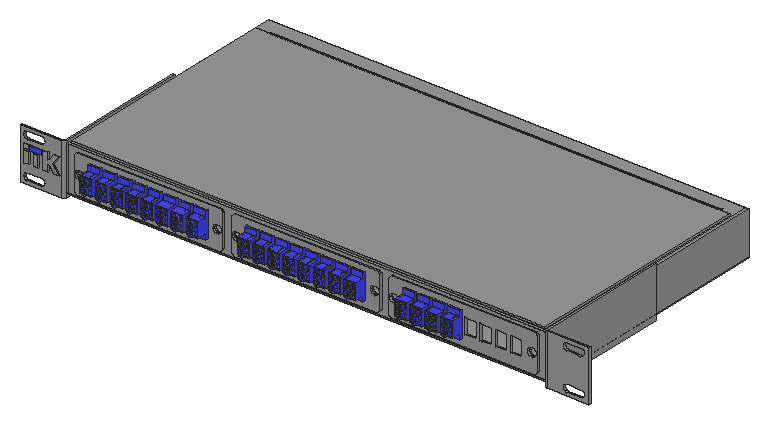
Revit family "ITK_Кросс оптический_Стоечный_1U_IP22", category Обобщенные модели, Revit 2019
Family settings
  Может служить основой для арматурных стержней = Нет
  Размер круглого соединителя = Использовать диаметр
  Тип детали = Нормальный
  На основе рабочей плоскости = Нет
  Всегда вертикально = Да
  При загрузке вырезать с полостями = Нет
  Общий = Нет
  Точка расчета площади = Нет
Parameters (values of type "FOBX24-1U-20LCUD03")
  Степень защиты = "IP22"  # constant formula
  Панель-заглушка первая = no
  Панель-заглушка вторая = no
  Панель для адаптеров третья = yes
  Панель для адаптеров вторая = yes
  Материал адаптера = Пластик бежевый
  Изготовитель = "ITK"  # constant formula
  Дата изменения = ""
  Тип монтажа = "19-дюймовое крепление"
  URL = "https://www.iek.ru/"
  KSI_CPr_Строительные изделия = "26.30.40.61.1.04.09-1081 26.30.40.61.1.04.09-1082 26.30.40.61.1.04.09-1083"
  KSI_CMa_Строительные материалы = "10.03.02.06"  # constant formula
  IEK_Цена за единицу = 16660.79
  IEK_Поиск в таблице имен = ""
  IEK_Описание = "Высокое качество материалов. Увеличенный срок эксплуатации. Надежная защита волокон от внешних механических воздействий и попадания внутрь посторонних предметов. Соответствие международным стандартам и ГОСТ Р. Удобство монтажа и эксплуатации."
  IEK_URL = "https://www.itk-group.ru/produktsiya/catalog/oborudovanie_telekommunikatsionnoe/komponenty_sks_opticheskie/komponenty_sks_opticheskie/opticheskie_krossy_19_ukomplektovannye/itk_1u_opticheskiy_raspredelitelnyy_kross_ukomplektovannyy_lc_duplex_20sht_om3"
  ADSK_Примечание = ""
  ADSK_Позиция [instance] = ""
  ADSK_Наименование = "ITK 1U Оптический распределительный кросс укомплектованный: LC (duplex) 20шт;  (OM3)"
  ADSK_Материал обозначение = ""
  ADSK_Материал наименование = "Cталь"  # constant formula
  ADSK_Масса = 2.7  # constant formula
  ADSK_Марка = ""
  ADSK_Код изделия = "FOBX24-1U-20LCUD03"
  ADSK_Завод-изготовитель = "IEK"  # constant formula
  ADSK_Единица измерения = "шт"  # constant formula
  ADSK_Группирование = "I. ЩИТЫ И ПУЛЬТЫ"  # constant formula
  ADSK_Версия семейства = "1.0"  # constant formula
  ADSK_Версия Revit = "2019"  # constant formula
  ADSK_URL страницы изделия = "https://www.itk-group.ru/produktsiya/catalog/oborudovanie_telekommunikatsionnoe/komponenty_sks_opticheskie/komponenty_sks_opticheskie/opticheskie_krossy_19_ukomplektovannye/"
  8 адаптеров = yes
  6 адаптеров = yes
  24 адаптера = no
  20 адаптеров = yes
  16 адаптеров = yes
  12 адаптеров = yes
Reference planes
  plane 1 "По центру (Вперед/Назад)": y = 0
  plane 2: z = 0
  plane 3 "По центру (Влево/Вправо)": x = 0
Forms (mm)
  Extrusion 1, solid, material "Окраска - RAL 7035", detail levels fine
    sketch origin (0, 0, 0) x (1, 0, 0) y (0, 1, 0)
      loop
        line (-205, 1.5) -> (-240, 1.5) -> (-240, 0) -> (-205, 0)
        arc (-205, 0) -> (-203.232, 0.732) -> (-202.5, 2.5) r 2.5
        line (-202.5, 2.5) -> (-202.5, 116) -> (-204, 116) -> (-204, 2.5)
        arc (-204, 2.5) -> (-204.293, 1.793) -> (-205, 1.5) r 1
      loop
        line (204, 2.5) -> (204, 116) -> (202.5, 116) -> (202.5, 2.5)
        arc (202.5, 2.5) -> (203.232, 0.732) -> (205, 0) r 2.5
        line (205, 0) -> (240, 0) -> (240, 1.5) -> (205, 1.5)
        arc (205, 1.5) -> (204.293, 1.793) -> (204, 2.5) r 1
    from 0 to 43
  Extrusion 2, void
    sketch origin (0, 0, 0) x (1, 0, 0) y (0, 0, 1)
      loop
        arc (-233.5, 40.5) -> (-235.798, 39.548) -> (-236.75, 37.25) r 3.25
        arc (-236.75, 37.25) -> (-235.798, 34.952) -> (-233.5, 34) r 3.25
        line (-233.5, 34) -> (-222, 34)
        arc (-222, 34) -> (-218.75, 37.25) -> (-222, 40.5) r 3.25
        line (-222, 40.5) -> (-233.5, 40.5)
      loop
        arc (-233.5, 9) -> (-235.798, 8.048) -> (-236.75, 5.75) r 3.25
        arc (-236.75, 5.75) -> (-235.798, 3.452) -> (-233.5, 2.5) r 3.25
        line (-233.5, 2.5) -> (-222, 2.5)
        arc (-222, 2.5) -> (-218.75, 5.75) -> (-222, 9) r 3.25
        line (-222, 9) -> (-233.5, 9)
      loop
        arc (222, 40.5) -> (218.75, 37.25) -> (222, 34) r 3.25
        line (222, 34) -> (233.5, 34)
        arc (233.5, 34) -> (235.798, 34.952) -> (236.75, 37.25) r 3.25
        arc (236.75, 37.25) -> (235.798, 39.548) -> (233.5, 40.5) r 3.25
        line (233.5, 40.5) -> (222, 40.5)
      loop
        arc (222, 9) -> (218.75, 5.75) -> (222, 2.5) r 3.25
        line (222, 2.5) -> (233.5, 2.5)
        arc (233.5, 2.5) -> (235.798, 3.452) -> (236.75, 5.75) r 3.25
        arc (236.75, 5.75) -> (235.798, 8.048) -> (233.5, 9) r 3.25
        line (233.5, 9) -> (222, 9)
    from 0 to -3
  Extrusion 3, solid, material "Окраска - RAL 7035", detail levels fine
    sketch origin (0, 0, 0) x (1, 0, 0) y (0, 0, 1)
      loop
        line (202.5, 40) -> (-202.5, 40) -> (-202.5, 3) -> (202.5, 3) -> (202.5, 40)
    from -3 to -215
  Blend 4, solid, material "Окраска - RAL 7035", detail levels fine
    base sketch origin (0, 0, 0) x (1, 0, 0) y (0, 1, 0)
      loop
        line (-202.5, 215) -> (-202.5, 3) -> (202.5, 3) -> (202.5, 215) -> (-202.5, 215)
    top sketch origin (0, 0, 0) x (1, 0, 0) y (0, 1, 0)
      loop
        line (201.5, 214) -> (-201.5, 214) -> (-201.5, 4) -> (201.5, 4) -> (201.5, 214)
    from 40 to 41.5
  Blend 5, solid, material "Окраска - RAL 7035", detail levels fine
    base sketch origin (0, 0, -80) x (1, 0, 0) y (0, 1, 0)
      loop
        line (-202.5, 215) -> (-202.5, 3) -> (202.5, 3) -> (202.5, 215) -> (-202.5, 215)
    top sketch origin (0, 0, -80) x (1, 0, 0) y (0, 1, 0)
      loop
        line (201.5, 214) -> (-201.5, 214) -> (-201.5, 4) -> (201.5, 4) -> (201.5, 214)
    from 83 to 81.5
  Extrusion 6, void
    sketch origin (0, 0, 0) x (1, 0, 0) y (0, 1, 0)
      loop
        line (201.5, 214) -> (-201.5, 214) -> (-201.5, 4) -> (201.5, 4) -> (201.5, 214)
    from 3 to 40
  Extrusion 7, void
    sketch origin (0, 0, 0) x (1, 0, 0) y (0, 0, 1)
      loop
        line (-184.8, 7.85) -> (-80.6, 7.85) -> (-80.6, 35.15) -> (-184.8, 35.15) -> (-184.8, 7.85)
      loop
        line (-52.1, 35.15) -> (-52.1, 7.85) -> (52.1, 7.85) -> (52.1, 35.15) -> (-52.1, 35.15)
      loop
        line (80.6, 35.15) -> (80.6, 7.85) -> (184.8, 7.85) -> (184.8, 35.15) -> (80.6, 35.15)
      loop
        circle (-190.937, 21.497) r 3.921
      loop
        circle (-74.23, 21.497) r 3.921
      loop
        circle (-58.134, 21.497) r 3.921
      loop
        circle (58.47, 21.497) r 3.921
      loop
        circle (74.566, 21.497) r 3.921
      loop
        circle (191.17, 21.497) r 3.921
    from 0 to -10
  Extrusion 8, void
    sketch origin (0, 0, 0) x (1, 0, 0) y (0, 0, 1)
      loop
        line (110.6, 32) -> (100.1, 32)
        arc (100.1, 32) -> (98.686, 31.414) -> (98.1, 30) r 2
        arc (98.1, 30) -> (98.686, 28.586) -> (100.1, 28) r 2
        line (100.1, 28) -> (110.6, 28)
        arc (110.6, 28) -> (112.6, 30) -> (110.6, 32) r 2
      loop
        line (75.1, 32) -> (64.6, 32)
        arc (64.6, 32) -> (63.186, 31.414) -> (62.6, 30) r 2
        arc (62.6, 30) -> (63.186, 28.586) -> (64.6, 28) r 2
        line (64.6, 28) -> (75.1, 28)
        arc (75.1, 28) -> (77.1, 30) -> (75.1, 32) r 2
      loop
        line (110.6, 15) -> (100.1, 15)
        arc (100.1, 15) -> (98.686, 14.414) -> (98.1, 13) r 2
        arc (98.1, 13) -> (98.686, 11.586) -> (100.1, 11) r 2
        line (100.1, 11) -> (110.6, 11)
        arc (110.6, 11) -> (112.6, 13) -> (110.6, 15) r 2
      loop
        line (75.1, 15) -> (64.6, 15)
        arc (64.6, 15) -> (63.186, 14.414) -> (62.6, 13) r 2
        arc (62.6, 13) -> (63.186, 11.586) -> (64.6, 11) r 2
        line (64.6, 11) -> (75.1, 11)
        arc (75.1, 11) -> (77.1, 13) -> (75.1, 15) r 2
      loop
        line (52.1, 7.85) -> (52.1, 35.15) -> (-52.1, 35.15) -> (-52.1, 7.85) -> (52.1, 7.85)
      loop
        line (-64.6, 32) -> (-75.1, 32)
        arc (-75.1, 32) -> (-76.514, 31.414) -> (-77.1, 30) r 2
        arc (-77.1, 30) -> (-76.514, 28.586) -> (-75.1, 28) r 2
        line (-75.1, 28) -> (-64.6, 28)
        arc (-64.6, 28) -> (-62.6, 30) -> (-64.6, 32) r 2
      loop
        line (-100.1, 32) -> (-110.6, 32)
        arc (-110.6, 32) -> (-112.014, 31.414) -> (-112.6, 30) r 2
        arc (-112.6, 30) -> (-112.014, 28.586) -> (-110.6, 28) r 2
        line (-110.6, 28) -> (-100.1, 28)
        arc (-100.1, 28) -> (-98.1, 30) -> (-100.1, 32) r 2
      loop
        line (-100.1, 15) -> (-110.6, 15)
        arc (-110.6, 15) -> (-112.014, 14.414) -> (-112.6, 13) r 2
        arc (-112.6, 13) -> (-112.014, 11.586) -> (-110.6, 11) r 2
        line (-110.6, 11) -> (-100.1, 11)
        arc (-100.1, 11) -> (-98.1, 13) -> (-100.1, 15) r 2
      loop
        line (-64.6, 15) -> (-75.1, 15)
        arc (-75.1, 15) -> (-76.514, 14.414) -> (-77.1, 13) r 2
        arc (-77.1, 13) -> (-76.514, 11.586) -> (-75.1, 11) r 2
        line (-75.1, 11) -> (-64.6, 11)
        arc (-64.6, 11) -> (-62.6, 13) -> (-64.6, 15) r 2
      loop
        circle (152.763, 28.937) r 1.987
      loop
        circle (152.763, 13.937) r 1.987
      loop
        circle (182.995, 13.943) r 1.269
      loop
        circle (-152.763, 28.937) r 1.987
      loop
        circle (-152.763, 13.937) r 1.987
      loop
        circle (-182.995, 13.943) r 1.269
    from -215 to -214
  Extrusion 9, solid, material "Окраска - RAL 7035", detail levels fine
    sketch origin (0, 0, 0) x (1, 0, 0) y (0, 1, 0)
      loop
        line (-200, 198.542) -> (-200, 3.85) -> (200, 3.85) -> (200, 198.542) -> (-200, 198.542)
    from 41.5 to 43
  Extrusion 10, solid, material "Окраска - RAL 7035", detail levels fine
    sketch origin (0, 0, 0) x (0, 1, 0) y (0, 0, 1)
      loop
        line (198.542, 41.5) -> (204.737, 38.845)
        arc (204.737, 38.845) -> (205.56, 38.587) -> (206.418, 38.5) r 4.266
        line (206.418, 38.5) -> (213.85, 38.5) -> (213.85, 40) -> (206.457, 40)
        arc (206.457, 40) -> (205.862, 40.06) -> (205.292, 40.239) r 2.958
        line (205.292, 40.239) -> (199.51, 42.717) -> (198.542, 43) -> (198.542, 41.5)
    from -190 to 190
  Extrusion 11, solid, material "Окраска - RAL 7035", detail levels fine
    sketch origin (0, 0, 0) x (1, 0, 0) y (0, 1, 0)
      loop
        circle (-40.032, 134.023) r 2.037
      loop
        circle (40.032, 134.023) r 2.037
    from 3 to 40
  Extrusion 12, solid, detail levels coarse+medium
    sketch origin (0, 0, 0) x (1, 0, 0) y (0, 1, 0)
      loop
        line (-202.5, 215) -> (-202.5, 0) -> (202.467, 0) -> (202.467, 215) -> (-202.5, 215)
    from 0 to 43
  Extrusion 13, solid, material "Окраска - RAL 7035", visible <- "Панель-заглушка первая", detail levels fine
    sketch origin (-428.196, 0, 5.548) x (1, 0, 0) y (0, 0, 1)
      loop
        line (488.696, 32) -> (367.696, 32) -> (365.696, 30) -> (365.696, 2) -> (367.696, 0) -> (488.696, 0) -> (490.696, 2) -> (490.696, 30) -> (488.696, 32)
      loop
        circle (369.946, 16) r 3.75
      loop
        circle (486.446, 16) r 3.75
    from -3 to -1.5
  Extrusion 14, solid, material "Окраска - RAL 7035", visible <- "Панель-заглушка вторая", detail levels fine
    sketch origin (-295.496, 0, 5.548) x (1, 0, 0) y (0, 0, 1)
      loop
        line (488.696, 32) -> (367.696, 32) -> (365.696, 30) -> (365.696, 2) -> (367.696, 0) -> (488.696, 0) -> (490.696, 2) -> (490.696, 30) -> (488.696, 32)
      loop
        circle (369.946, 16) r 3.75
      loop
        circle (486.446, 16) r 3.75
    from -3 to -1.5
  Extrusion 15, solid, material "Окраска - RAL 7035", detail levels fine
    sketch origin (-511.941, 0, -22.681) x (1, 0, 0) y (0, 0, 1)
      loop
        line (439.588, 60.004) -> (318.588, 60.004) -> (316.588, 58.004) -> (316.588, 30.004) -> (318.588, 28.004) -> (439.588, 28.004) -> (441.588, 30.004) -> (441.588, 58.004) -> (439.588, 60.004)
      loop
        circle (320.838, 44.004) r 3.75
      loop
        circle (437.338, 44.004) r 3.75
      loop
        line (329.388, 50.504) -> (329.388, 37.504) -> (339.188, 37.504) -> (339.188, 50.504) -> (329.388, 50.504)
      loop
        line (342.188, 50.504) -> (342.188, 37.504) -> (351.988, 37.504) -> (351.988, 50.504) -> (342.188, 50.504)
      loop
        line (354.988, 50.504) -> (354.988, 37.504) -> (364.788, 37.504) -> (364.788, 50.504) -> (354.988, 50.504)
      loop
        line (367.788, 50.504) -> (367.788, 37.504) -> (377.588, 37.504) -> (377.588, 50.504) -> (367.788, 50.504)
      loop
        line (380.588, 50.504) -> (380.588, 37.504) -> (390.388, 37.504) -> (390.388, 50.504) -> (380.588, 50.504)
      loop
        line (393.388, 50.504) -> (393.388, 37.504) -> (403.188, 37.504) -> (403.188, 50.504) -> (393.388, 50.504)
      loop
        line (406.188, 50.504) -> (406.188, 37.504) -> (415.988, 37.504) -> (415.988, 50.504) -> (406.188, 50.504)
      loop
        line (428.788, 50.504) -> (418.988, 50.504) -> (418.988, 37.504) -> (428.788, 37.504) -> (428.788, 50.504)
    from -3 to -1.5
  Extrusion 16, solid, material "Окраска - RAL 7035", visible <- "Панель для адаптеров вторая", detail levels fine
    sketch origin (-379.088, 0, -22.457) x (1, 0, 0) y (0, 0, 1)
      loop
        line (439.588, 60.004) -> (318.588, 60.004) -> (316.588, 58.004) -> (316.588, 30.004) -> (318.588, 28.004) -> (439.588, 28.004) -> (441.588, 30.004) -> (441.588, 58.004) -> (439.588, 60.004)
      loop
        circle (320.838, 44.004) r 3.75
      loop
        circle (437.338, 44.004) r 3.75
      loop
        line (329.388, 50.504) -> (329.388, 37.504) -> (339.188, 37.504) -> (339.188, 50.504) -> (329.388, 50.504)
      loop
        line (342.188, 50.504) -> (342.188, 37.504) -> (351.988, 37.504) -> (351.988, 50.504) -> (342.188, 50.504)
      loop
        line (354.988, 50.504) -> (354.988, 37.504) -> (364.788, 37.504) -> (364.788, 50.504) -> (354.988, 50.504)
      loop
        line (367.788, 50.504) -> (367.788, 37.504) -> (377.588, 37.504) -> (377.588, 50.504) -> (367.788, 50.504)
      loop
        line (380.588, 50.504) -> (380.588, 37.504) -> (390.388, 37.504) -> (390.388, 50.504) -> (380.588, 50.504)
      loop
        line (393.388, 50.504) -> (393.388, 37.504) -> (403.188, 37.504) -> (403.188, 50.504) -> (393.388, 50.504)
      loop
        line (406.188, 50.504) -> (406.188, 37.504) -> (415.988, 37.504) -> (415.988, 50.504) -> (406.188, 50.504)
      loop
        line (428.788, 50.504) -> (418.988, 50.504) -> (418.988, 37.504) -> (428.788, 37.504) -> (428.788, 50.504)
    from -3 to -1.5
  Extrusion 17, solid, material "Окраска - RAL 7035", visible <- "Панель для адаптеров третья", detail levels fine
    sketch origin (-246.388, 0, -22.457) x (1, 0, 0) y (0, 0, 1)
      loop
        line (439.588, 60.004) -> (318.588, 60.004) -> (316.588, 58.004) -> (316.588, 30.004) -> (318.588, 28.004) -> (439.588, 28.004) -> (441.588, 30.004) -> (441.588, 58.004) -> (439.588, 60.004)
      loop
        circle (320.838, 44.004) r 3.75
      loop
        circle (437.338, 44.004) r 3.75
      loop
        line (329.388, 50.504) -> (329.388, 37.504) -> (339.188, 37.504) -> (339.188, 50.504) -> (329.388, 50.504)
      loop
        line (342.188, 50.504) -> (342.188, 37.504) -> (351.988, 37.504) -> (351.988, 50.504) -> (342.188, 50.504)
      loop
        line (354.988, 50.504) -> (354.988, 37.504) -> (364.788, 37.504) -> (364.788, 50.504) -> (354.988, 50.504)
      loop
        line (367.788, 50.504) -> (367.788, 37.504) -> (377.588, 37.504) -> (377.588, 50.504) -> (367.788, 50.504)
      loop
        line (380.588, 50.504) -> (380.588, 37.504) -> (390.388, 37.504) -> (390.388, 50.504) -> (380.588, 50.504)
      loop
        line (393.388, 50.504) -> (393.388, 37.504) -> (403.188, 37.504) -> (403.188, 50.504) -> (393.388, 50.504)
      loop
        line (406.188, 50.504) -> (406.188, 37.504) -> (415.988, 37.504) -> (415.988, 50.504) -> (406.188, 50.504)
      loop
        line (428.788, 50.504) -> (418.988, 50.504) -> (418.988, 37.504) -> (428.788, 37.504) -> (428.788, 50.504)
    from -3 to -1.5
  Extrusion 18, solid, material "Пластик бежевый" <- "Материал адаптера", detail levels fine
    sketch origin (-182.653, 14.985, -5.789) x (0, 1, 0) y (0, 0, 1)
      loop
        line (-13.485, 38.895) -> (-15.485, 38.895) -> (-15.485, 34.395) -> (-23.485, 34.395) -> (-23.485, 21.395) -> (-15.485, 21.395) -> (-15.485, 16.895) -> (-13.485, 16.895) -> (-13.485, 38.895)
    from 0 to 10
  Extrusion 19, void
    sketch origin (0, 0, 0) x (1, 0, 0) y (0, 0, 1)
      loop
        line (-182.304, 28.172) -> (-182.304, 15.99) -> (-173.023, 15.99) -> (-173.023, 28.172) -> (-182.304, 28.172)
    from 1.092 to 8.5
  Revolve 20, solid, material "Пластик белый", detail levels fine
    sketch origin (-177.819, 0, 0) x (0, 1, 0) y (0, 0, 1)
      loop
        line (-10.817, 27.194) -> (-9.789, 27.194) -> (-9.789, 26.304) -> (2.983, 26.304) -> (2.983, 27.194) -> (-9.192, 27.194) -> (-9.192, 28.194) -> (-10.817, 28.194) -> (-10.817, 27.194)
      axis (2.983, 25.321) -> (-10.817, 25.321)
    angle from 0 to 360
  Revolve 21, solid, material "Пластик белый", detail levels fine
    sketch origin (-177.819, 0, 44.212) x (0, 1, 0) y (0, 0, 1)
      loop
        line (-10.817, -27.194) -> (-10.817, -28.194) -> (-9.192, -28.194) -> (-9.192, -27.194) -> (2.983, -27.194) -> (2.983, -26.304) -> (-9.789, -26.304) -> (-9.789, -27.194) -> (-10.817, -27.194)
      axis (2.983, -25.321) -> (-10.817, -25.321)
    angle from 0 to 360
  Extrusion 22, solid, material "Пластик бежевый" <- "Материал адаптера", detail levels fine
    sketch origin (-169.853, 14.985, -5.789) x (0, 1, 0) y (0, 0, 1)
      loop
        line (-13.485, 38.895) -> (-15.485, 38.895) -> (-15.485, 34.395) -> (-23.485, 34.395) -> (-23.485, 21.395) -> (-15.485, 21.395) -> (-15.485, 16.895) -> (-13.485, 16.895) -> (-13.485, 38.895)
    from 0 to 10
  Extrusion 23, void
    sketch origin (12.8, 0, 0) x (1, 0, 0) y (0, 0, 1)
      loop
        line (-182.304, 28.172) -> (-182.304, 15.99) -> (-173.023, 15.99) -> (-173.023, 28.172) -> (-182.304, 28.172)
    from 1.092 to 8.5
  Revolve 24, solid, material "Пластик белый", detail levels fine
    sketch origin (-165.019, 0, 0) x (0, 1, 0) y (0, 0, 1)
      loop
        line (-10.817, 27.194) -> (-9.789, 27.194) -> (-9.789, 26.304) -> (2.983, 26.304) -> (2.983, 27.194) -> (-9.192, 27.194) -> (-9.192, 28.194) -> (-10.817, 28.194) -> (-10.817, 27.194)
      axis (2.983, 25.321) -> (-10.817, 25.321)
    angle from 0 to 360
  Revolve 25, solid, material "Пластик белый", detail levels fine
    sketch origin (-165.019, 0, 44.212) x (0, 1, 0) y (0, 0, 1)
      loop
        line (-10.817, -27.194) -> (-10.817, -28.194) -> (-9.192, -28.194) -> (-9.192, -27.194) -> (2.983, -27.194) -> (2.983, -26.304) -> (-9.789, -26.304) -> (-9.789, -27.194) -> (-10.817, -27.194)
      axis (2.983, -25.321) -> (-10.817, -25.321)
    angle from 0 to 360
  Extrusion 26, solid, material "Пластик бежевый" <- "Материал адаптера", detail levels fine
    sketch origin (-157.053, 14.985, -5.789) x (0, 1, 0) y (0, 0, 1)
      loop
        line (-13.485, 38.895) -> (-15.485, 38.895) -> (-15.485, 34.395) -> (-23.485, 34.395) -> (-23.485, 21.395) -> (-15.485, 21.395) -> (-15.485, 16.895) -> (-13.485, 16.895) -> (-13.485, 38.895)
    from 0 to 10
  Extrusion 27, void
    sketch origin (25.6, 0, 0) x (1, 0, 0) y (0, 0, 1)
      loop
        line (-182.304, 28.172) -> (-182.304, 15.99) -> (-173.023, 15.99) -> (-173.023, 28.172) -> (-182.304, 28.172)
    from 1.092 to 8.5
  Revolve 28, solid, material "Пластик белый", detail levels fine
    sketch origin (-152.219, 0, 0) x (0, 1, 0) y (0, 0, 1)
      loop
        line (-10.817, 27.194) -> (-9.789, 27.194) -> (-9.789, 26.304) -> (2.983, 26.304) -> (2.983, 27.194) -> (-9.192, 27.194) -> (-9.192, 28.194) -> (-10.817, 28.194) -> (-10.817, 27.194)
      axis (2.983, 25.321) -> (-10.817, 25.321)
    angle from 0 to 360
  Revolve 29, solid, material "Пластик белый", detail levels fine
    sketch origin (-152.219, 0, 44.212) x (0, 1, 0) y (0, 0, 1)
      loop
        line (-10.817, -27.194) -> (-10.817, -28.194) -> (-9.192, -28.194) -> (-9.192, -27.194) -> (2.983, -27.194) -> (2.983, -26.304) -> (-9.789, -26.304) -> (-9.789, -27.194) -> (-10.817, -27.194)
      axis (2.983, -25.321) -> (-10.817, -25.321)
    angle from 0 to 360
  Extrusion 30, solid, material "Пластик бежевый" <- "Материал адаптера", detail levels fine
    sketch origin (-144.253, 14.985, -5.789) x (0, 1, 0) y (0, 0, 1)
      loop
        line (-13.485, 38.895) -> (-15.485, 38.895) -> (-15.485, 34.395) -> (-23.485, 34.395) -> (-23.485, 21.395) -> (-15.485, 21.395) -> (-15.485, 16.895) -> (-13.485, 16.895) -> (-13.485, 38.895)
    from 0 to 10
  Extrusion 31, void
    sketch origin (38.4, 0, 0) x (1, 0, 0) y (0, 0, 1)
      loop
        line (-182.304, 28.172) -> (-182.304, 15.99) -> (-173.023, 15.99) -> (-173.023, 28.172) -> (-182.304, 28.172)
    from 1.092 to 8.5
  Revolve 32, solid, material "Пластик белый", detail levels fine
    sketch origin (-139.419, 0, 0) x (0, 1, 0) y (0, 0, 1)
      loop
        line (-10.817, 27.194) -> (-9.789, 27.194) -> (-9.789, 26.304) -> (2.983, 26.304) -> (2.983, 27.194) -> (-9.192, 27.194) -> (-9.192, 28.194) -> (-10.817, 28.194) -> (-10.817, 27.194)
      axis (2.983, 25.321) -> (-10.817, 25.321)
    angle from 0 to 360
  Revolve 33, solid, material "Пластик белый", detail levels fine
    sketch origin (-139.419, 0, 44.212) x (0, 1, 0) y (0, 0, 1)
      loop
        line (-10.817, -27.194) -> (-10.817, -28.194) -> (-9.192, -28.194) -> (-9.192, -27.194) -> (2.983, -27.194) -> (2.983, -26.304) -> (-9.789, -26.304) -> (-9.789, -27.194) -> (-10.817, -27.194)
      axis (2.983, -25.321) -> (-10.817, -25.321)
    angle from 0 to 360
  Extrusion 34, solid, material "Пластик бежевый" <- "Материал адаптера", visible <- "6 адаптеров", detail levels fine
    sketch origin (-131.453, 14.985, -5.789) x (0, 1, 0) y (0, 0, 1)
      loop
        line (-13.485, 38.895) -> (-15.485, 38.895) -> (-15.485, 34.395) -> (-23.485, 34.395) -> (-23.485, 21.395) -> (-15.485, 21.395) -> (-15.485, 16.895) -> (-13.485, 16.895) -> (-13.485, 38.895)
    from 0 to 10
  Extrusion 35, void
    sketch origin (51.2, 0, 0) x (1, 0, 0) y (0, 0, 1)
      loop
        line (-182.304, 28.172) -> (-182.304, 15.99) -> (-173.023, 15.99) -> (-173.023, 28.172) -> (-182.304, 28.172)
    from 1.092 to 8.5
  Revolve 36, solid, material "Пластик белый", visible <- "6 адаптеров", detail levels fine
    sketch origin (-126.619, 0, 0) x (0, 1, 0) y (0, 0, 1)
      loop
        line (-10.817, 27.194) -> (-9.789, 27.194) -> (-9.789, 26.304) -> (2.983, 26.304) -> (2.983, 27.194) -> (-9.192, 27.194) -> (-9.192, 28.194) -> (-10.817, 28.194) -> (-10.817, 27.194)
      axis (2.983, 25.321) -> (-10.817, 25.321)
    angle from 0 to 360
  Revolve 37, solid, material "Пластик белый", visible <- "6 адаптеров", detail levels fine
    sketch origin (-126.619, 0, 44.212) x (0, 1, 0) y (0, 0, 1)
      loop
        line (-10.817, -27.194) -> (-10.817, -28.194) -> (-9.192, -28.194) -> (-9.192, -27.194) -> (2.983, -27.194) -> (2.983, -26.304) -> (-9.789, -26.304) -> (-9.789, -27.194) -> (-10.817, -27.194)
      axis (2.983, -25.321) -> (-10.817, -25.321)
    angle from 0 to 360
  Extrusion 38, solid, material "Пластик бежевый" <- "Материал адаптера", visible <- "6 адаптеров", detail levels fine
    sketch origin (-118.653, 14.985, -5.789) x (0, 1, 0) y (0, 0, 1)
      loop
        line (-13.485, 38.895) -> (-15.485, 38.895) -> (-15.485, 34.395) -> (-23.485, 34.395) -> (-23.485, 21.395) -> (-15.485, 21.395) -> (-15.485, 16.895) -> (-13.485, 16.895) -> (-13.485, 38.895)
    from 0 to 10
  Extrusion 39, void
    sketch origin (64, 0, 0) x (1, 0, 0) y (0, 0, 1)
      loop
        line (-182.304, 28.172) -> (-182.304, 15.99) -> (-173.023, 15.99) -> (-173.023, 28.172) -> (-182.304, 28.172)
    from 1.092 to 8.5
  Revolve 40, solid, material "Пластик белый", visible <- "6 адаптеров", detail levels fine
    sketch origin (-113.819, 0, 0) x (0, 1, 0) y (0, 0, 1)
      loop
        line (-10.817, 27.194) -> (-9.789, 27.194) -> (-9.789, 26.304) -> (2.983, 26.304) -> (2.983, 27.194) -> (-9.192, 27.194) -> (-9.192, 28.194) -> (-10.817, 28.194) -> (-10.817, 27.194)
      axis (2.983, 25.321) -> (-10.817, 25.321)
    angle from 0 to 360
  Revolve 41, solid, material "Пластик белый", visible <- "6 адаптеров", detail levels fine
    sketch origin (-113.819, 0, 44.212) x (0, 1, 0) y (0, 0, 1)
      loop
        line (-10.817, -27.194) -> (-10.817, -28.194) -> (-9.192, -28.194) -> (-9.192, -27.194) -> (2.983, -27.194) -> (2.983, -26.304) -> (-9.789, -26.304) -> (-9.789, -27.194) -> (-10.817, -27.194)
      axis (2.983, -25.321) -> (-10.817, -25.321)
    angle from 0 to 360
  Extrusion 42, solid, material "Пластик бежевый" <- "Материал адаптера", visible <- "8 адаптеров", detail levels fine
    sketch origin (-93.053, 14.985, -5.789) x (0, 1, 0) y (0, 0, 1)
      loop
        line (-13.485, 38.895) -> (-15.485, 38.895) -> (-15.485, 34.395) -> (-23.485, 34.395) -> (-23.485, 21.395) -> (-15.485, 21.395) -> (-15.485, 16.895) -> (-13.485, 16.895) -> (-13.485, 38.895)
    from 0 to 10
  Extrusion 43, void
    sketch origin (89.6, 0, 0) x (1, 0, 0) y (0, 0, 1)
      loop
        line (-182.304, 28.172) -> (-182.304, 15.99) -> (-173.023, 15.99) -> (-173.023, 28.172) -> (-182.304, 28.172)
    from 1.092 to 8.5
  Revolve 44, solid, material "Пластик белый", visible <- "8 адаптеров", detail levels fine
    sketch origin (-88.219, 0, 0) x (0, 1, 0) y (0, 0, 1)
      loop
        line (-10.817, 27.194) -> (-9.789, 27.194) -> (-9.789, 26.304) -> (2.983, 26.304) -> (2.983, 27.194) -> (-9.192, 27.194) -> (-9.192, 28.194) -> (-10.817, 28.194) -> (-10.817, 27.194)
      axis (2.983, 25.321) -> (-10.817, 25.321)
    angle from 0 to 360
  Revolve 45, solid, material "Пластик белый", visible <- "8 адаптеров", detail levels fine
    sketch origin (-88.219, 0, 44.212) x (0, 1, 0) y (0, 0, 1)
      loop
        line (-10.817, -27.194) -> (-10.817, -28.194) -> (-9.192, -28.194) -> (-9.192, -27.194) -> (2.983, -27.194) -> (2.983, -26.304) -> (-9.789, -26.304) -> (-9.789, -27.194) -> (-10.817, -27.194)
      axis (2.983, -25.321) -> (-10.817, -25.321)
    angle from 0 to 360
  Extrusion 46, solid, material "Пластик бежевый" <- "Материал адаптера", visible <- "8 адаптеров", detail levels fine
    sketch origin (-105.77, 14.985, -5.789) x (0, 1, 0) y (0, 0, 1)
      loop
        line (-13.485, 38.895) -> (-15.485, 38.895) -> (-15.485, 34.395) -> (-23.485, 34.395) -> (-23.485, 21.395) -> (-15.485, 21.395) -> (-15.485, 16.895) -> (-13.485, 16.895) -> (-13.485, 38.895)
    from 0 to 10
  Extrusion 47, void
    sketch origin (76.883, 0, 0) x (1, 0, 0) y (0, 0, 1)
      loop
        line (-182.304, 28.172) -> (-182.304, 15.99) -> (-173.023, 15.99) -> (-173.023, 28.172) -> (-182.304, 28.172)
    from 1.092 to 8.5
  Revolve 48, solid, material "Пластик белый", visible <- "8 адаптеров", detail levels fine
    sketch origin (-100.936, 0, 0) x (0, 1, 0) y (0, 0, 1)
      loop
        line (-10.817, 27.194) -> (-9.789, 27.194) -> (-9.789, 26.304) -> (2.983, 26.304) -> (2.983, 27.194) -> (-9.192, 27.194) -> (-9.192, 28.194) -> (-10.817, 28.194) -> (-10.817, 27.194)
      axis (2.983, 25.321) -> (-10.817, 25.321)
    angle from 0 to 360
  Revolve 49, solid, material "Пластик белый", visible <- "8 адаптеров", detail levels fine
    sketch origin (-100.936, 0, 44.212) x (0, 1, 0) y (0, 0, 1)
      loop
        line (-10.817, -27.194) -> (-10.817, -28.194) -> (-9.192, -28.194) -> (-9.192, -27.194) -> (2.983, -27.194) -> (2.983, -26.304) -> (-9.789, -26.304) -> (-9.789, -27.194) -> (-10.817, -27.194)
      axis (2.983, -25.321) -> (-10.817, -25.321)
    angle from 0 to 360
  Extrusion 50, solid, material "Пластик бежевый" <- "Материал адаптера", visible <- "24 адаптера", detail levels fine
    sketch origin (182.653, 14.985, -5.789) x (0, 1, 0) y (0, 0, -1)
      loop
        line (-13.485, -38.895) -> (-13.485, -16.895) -> (-15.485, -16.895) -> (-15.485, -21.395) -> (-23.485, -21.395) -> (-23.485, -34.395) -> (-15.485, -34.395) -> (-15.485, -38.895) -> (-13.485, -38.895)
    from 0 to 10
  Extrusion 51, void
    sketch origin (0, 0, 0) x (-1, 0, 0) y (0, 0, -1)
      loop
        line (-182.304, -28.172) -> (-173.023, -28.172) -> (-173.023, -15.99) -> (-182.304, -15.99) -> (-182.304, -28.172)
    from 1.092 to 8.5
  Revolve 52, solid, material "Пластик белый", visible <- "24 адаптера", detail levels fine
    sketch origin (177.819, 0, 0) x (0, 1, 0) y (0, 0, -1)
      loop
        line (-10.817, -27.194) -> (-10.817, -28.194) -> (-9.192, -28.194) -> (-9.192, -27.194) -> (2.983, -27.194) -> (2.983, -26.304) -> (-9.789, -26.304) -> (-9.789, -27.194) -> (-10.817, -27.194)
      axis (2.983, -25.321) -> (-10.817, -25.321)
    angle from 0 to 360
  Revolve 53, solid, material "Пластик белый", visible <- "24 адаптера", detail levels fine
    sketch origin (177.819, 0, 44.212) x (0, 1, 0) y (0, 0, -1)
      loop
        line (-10.817, 27.194) -> (-9.789, 27.194) -> (-9.789, 26.304) -> (2.983, 26.304) -> (2.983, 27.194) -> (-9.192, 27.194) -> (-9.192, 28.194) -> (-10.817, 28.194) -> (-10.817, 27.194)
      axis (2.983, 25.321) -> (-10.817, 25.321)
    angle from 0 to 360
  Extrusion 54, solid, material "Пластик бежевый" <- "Материал адаптера", visible <- "24 адаптера", detail levels fine
    sketch origin (169.853, 14.985, -5.789) x (0, 1, 0) y (0, 0, -1)
      loop
        line (-13.485, -38.895) -> (-13.485, -16.895) -> (-15.485, -16.895) -> (-15.485, -21.395) -> (-23.485, -21.395) -> (-23.485, -34.395) -> (-15.485, -34.395) -> (-15.485, -38.895) -> (-13.485, -38.895)
    from 0 to 10
  Extrusion 55, void
    sketch origin (-12.8, 0, 0) x (-1, 0, 0) y (0, 0, -1)
      loop
        line (-182.304, -28.172) -> (-173.023, -28.172) -> (-173.023, -15.99) -> (-182.304, -15.99) -> (-182.304, -28.172)
    from 1.092 to 8.5
  Revolve 56, solid, material "Пластик белый", visible <- "24 адаптера", detail levels fine
    sketch origin (165.019, 0, 0) x (0, 1, 0) y (0, 0, -1)
      loop
        line (-10.817, -27.194) -> (-10.817, -28.194) -> (-9.192, -28.194) -> (-9.192, -27.194) -> (2.983, -27.194) -> (2.983, -26.304) -> (-9.789, -26.304) -> (-9.789, -27.194) -> (-10.817, -27.194)
      axis (2.983, -25.321) -> (-10.817, -25.321)
    angle from 0 to 360
  Revolve 57, solid, material "Пластик белый", visible <- "24 адаптера", detail levels fine
    sketch origin (165.019, 0, 44.212) x (0, 1, 0) y (0, 0, -1)
      loop
        line (-10.817, 27.194) -> (-9.789, 27.194) -> (-9.789, 26.304) -> (2.983, 26.304) -> (2.983, 27.194) -> (-9.192, 27.194) -> (-9.192, 28.194) -> (-10.817, 28.194) -> (-10.817, 27.194)
      axis (2.983, 25.321) -> (-10.817, 25.321)
    angle from 0 to 360
  Extrusion 58, solid, material "Пластик бежевый" <- "Материал адаптера", visible <- "24 адаптера", detail levels fine
    sketch origin (157.053, 14.985, -5.789) x (0, 1, 0) y (0, 0, -1)
      loop
        line (-13.485, -38.895) -> (-13.485, -16.895) -> (-15.485, -16.895) -> (-15.485, -21.395) -> (-23.485, -21.395) -> (-23.485, -34.395) -> (-15.485, -34.395) -> (-15.485, -38.895) -> (-13.485, -38.895)
    from 0 to 10
  Extrusion 59, void
    sketch origin (-25.6, 0, 0) x (-1, 0, 0) y (0, 0, -1)
      loop
        line (-182.304, -28.172) -> (-173.023, -28.172) -> (-173.023, -15.99) -> (-182.304, -15.99) -> (-182.304, -28.172)
    from 1.092 to 8.5
  Revolve 60, solid, material "Пластик белый", visible <- "24 адаптера", detail levels fine
    sketch origin (152.219, 0, 0) x (0, 1, 0) y (0, 0, -1)
      loop
        line (-10.817, -27.194) -> (-10.817, -28.194) -> (-9.192, -28.194) -> (-9.192, -27.194) -> (2.983, -27.194) -> (2.983, -26.304) -> (-9.789, -26.304) -> (-9.789, -27.194) -> (-10.817, -27.194)
      axis (2.983, -25.321) -> (-10.817, -25.321)
    angle from 0 to 360
  Revolve 61, solid, material "Пластик белый", visible <- "24 адаптера", detail levels fine
    sketch origin (152.219, 0, 44.212) x (0, 1, 0) y (0, 0, -1)
      loop
        line (-10.817, 27.194) -> (-9.789, 27.194) -> (-9.789, 26.304) -> (2.983, 26.304) -> (2.983, 27.194) -> (-9.192, 27.194) -> (-9.192, 28.194) -> (-10.817, 28.194) -> (-10.817, 27.194)
      axis (2.983, 25.321) -> (-10.817, 25.321)
    angle from 0 to 360
  Extrusion 62, solid, material "Пластик бежевый" <- "Материал адаптера", visible <- "24 адаптера", detail levels fine
    sketch origin (144.253, 14.985, -5.789) x (0, 1, 0) y (0, 0, -1)
      loop
        line (-13.485, -38.895) -> (-13.485, -16.895) -> (-15.485, -16.895) -> (-15.485, -21.395) -> (-23.485, -21.395) -> (-23.485, -34.395) -> (-15.485, -34.395) -> (-15.485, -38.895) -> (-13.485, -38.895)
    from 0 to 10
  Extrusion 63, void
    sketch origin (-38.4, 0, 0) x (-1, 0, 0) y (0, 0, -1)
      loop
        line (-182.304, -28.172) -> (-173.023, -28.172) -> (-173.023, -15.99) -> (-182.304, -15.99) -> (-182.304, -28.172)
    from 1.092 to 8.5
  Revolve 64, solid, material "Пластик белый", visible <- "24 адаптера", detail levels fine
    sketch origin (139.419, 0, 0) x (0, 1, 0) y (0, 0, -1)
      loop
        line (-10.817, -27.194) -> (-10.817, -28.194) -> (-9.192, -28.194) -> (-9.192, -27.194) -> (2.983, -27.194) -> (2.983, -26.304) -> (-9.789, -26.304) -> (-9.789, -27.194) -> (-10.817, -27.194)
      axis (2.983, -25.321) -> (-10.817, -25.321)
    angle from 0 to 360
  Revolve 65, solid, material "Пластик белый", visible <- "24 адаптера", detail levels fine
    sketch origin (139.419, 0, 44.212) x (0, 1, 0) y (0, 0, -1)
      loop
        line (-10.817, 27.194) -> (-9.789, 27.194) -> (-9.789, 26.304) -> (2.983, 26.304) -> (2.983, 27.194) -> (-9.192, 27.194) -> (-9.192, 28.194) -> (-10.817, 28.194) -> (-10.817, 27.194)
      axis (2.983, 25.321) -> (-10.817, 25.321)
    angle from 0 to 360
  Extrusion 66, solid, material "Пластик бежевый" <- "Материал адаптера", visible <- "20 адаптеров", detail levels fine
    sketch origin (131.453, 14.985, -5.789) x (0, 1, 0) y (0, 0, -1)
      loop
        line (-13.485, -38.895) -> (-13.485, -16.895) -> (-15.485, -16.895) -> (-15.485, -21.395) -> (-23.485, -21.395) -> (-23.485, -34.395) -> (-15.485, -34.395) -> (-15.485, -38.895) -> (-13.485, -38.895)
    from 0 to 10
  Extrusion 67, void
    sketch origin (-51.2, 0, 0) x (-1, 0, 0) y (0, 0, -1)
      loop
        line (-182.304, -28.172) -> (-173.023, -28.172) -> (-173.023, -15.99) -> (-182.304, -15.99) -> (-182.304, -28.172)
    from 1.092 to 8.5
  Revolve 68, solid, material "Пластик белый", visible <- "20 адаптеров", detail levels fine
    sketch origin (126.619, 0, 0) x (0, 1, 0) y (0, 0, -1)
      loop
        line (-10.817, -27.194) -> (-10.817, -28.194) -> (-9.192, -28.194) -> (-9.192, -27.194) -> (2.983, -27.194) -> (2.983, -26.304) -> (-9.789, -26.304) -> (-9.789, -27.194) -> (-10.817, -27.194)
      axis (2.983, -25.321) -> (-10.817, -25.321)
    angle from 0 to 360
  Revolve 69, solid, material "Пластик белый", visible <- "20 адаптеров", detail levels fine
    sketch origin (126.619, 0, 44.212) x (0, 1, 0) y (0, 0, -1)
      loop
        line (-10.817, 27.194) -> (-9.789, 27.194) -> (-9.789, 26.304) -> (2.983, 26.304) -> (2.983, 27.194) -> (-9.192, 27.194) -> (-9.192, 28.194) -> (-10.817, 28.194) -> (-10.817, 27.194)
      axis (2.983, 25.321) -> (-10.817, 25.321)
    angle from 0 to 360
  Extrusion 70, solid, material "Пластик бежевый" <- "Материал адаптера", visible <- "20 адаптеров", detail levels fine
    sketch origin (118.653, 14.985, -5.789) x (0, 1, 0) y (0, 0, -1)
      loop
        line (-13.485, -38.895) -> (-13.485, -16.895) -> (-15.485, -16.895) -> (-15.485, -21.395) -> (-23.485, -21.395) -> (-23.485, -34.395) -> (-15.485, -34.395) -> (-15.485, -38.895) -> (-13.485, -38.895)
    from 0 to 10
  Extrusion 71, void
    sketch origin (-64, 0, 0) x (-1, 0, 0) y (0, 0, -1)
      loop
        line (-182.304, -28.172) -> (-173.023, -28.172) -> (-173.023, -15.99) -> (-182.304, -15.99) -> (-182.304, -28.172)
    from 1.092 to 8.5
  Revolve 72, solid, material "Пластик белый", visible <- "20 адаптеров", detail levels fine
    sketch origin (113.819, 0, 0) x (0, 1, 0) y (0, 0, -1)
      loop
        line (-10.817, -27.194) -> (-10.817, -28.194) -> (-9.192, -28.194) -> (-9.192, -27.194) -> (2.983, -27.194) -> (2.983, -26.304) -> (-9.789, -26.304) -> (-9.789, -27.194) -> (-10.817, -27.194)
      axis (2.983, -25.321) -> (-10.817, -25.321)
    angle from 0 to 360
  Revolve 73, solid, material "Пластик белый", visible <- "20 адаптеров", detail levels fine
    sketch origin (113.819, 0, 44.212) x (0, 1, 0) y (0, 0, -1)
      loop
        line (-10.817, 27.194) -> (-9.789, 27.194) -> (-9.789, 26.304) -> (2.983, 26.304) -> (2.983, 27.194) -> (-9.192, 27.194) -> (-9.192, 28.194) -> (-10.817, 28.194) -> (-10.817, 27.194)
      axis (2.983, 25.321) -> (-10.817, 25.321)
    angle from 0 to 360
  Extrusion 74, solid, material "Пластик бежевый" <- "Материал адаптера", visible <- "20 адаптеров", detail levels fine
    sketch origin (93.053, 14.985, -5.789) x (0, 1, 0) y (0, 0, -1)
      loop
        line (-13.485, -38.895) -> (-13.485, -16.895) -> (-15.485, -16.895) -> (-15.485, -21.395) -> (-23.485, -21.395) -> (-23.485, -34.395) -> (-15.485, -34.395) -> (-15.485, -38.895) -> (-13.485, -38.895)
    from 0 to 10
  Extrusion 75, void
    sketch origin (-89.6, 0, 0) x (-1, 0, 0) y (0, 0, -1)
      loop
        line (-182.304, -28.172) -> (-173.023, -28.172) -> (-173.023, -15.99) -> (-182.304, -15.99) -> (-182.304, -28.172)
    from 1.092 to 8.5
  Revolve 76, solid, material "Пластик белый", visible <- "20 адаптеров", detail levels fine
    sketch origin (88.219, 0, 0) x (0, 1, 0) y (0, 0, -1)
      loop
        line (-10.817, -27.194) -> (-10.817, -28.194) -> (-9.192, -28.194) -> (-9.192, -27.194) -> (2.983, -27.194) -> (2.983, -26.304) -> (-9.789, -26.304) -> (-9.789, -27.194) -> (-10.817, -27.194)
      axis (2.983, -25.321) -> (-10.817, -25.321)
    angle from 0 to 360
  Revolve 77, solid, material "Пластик белый", visible <- "20 адаптеров", detail levels fine
    sketch origin (88.219, 0, 44.212) x (0, 1, 0) y (0, 0, -1)
      loop
        line (-10.817, 27.194) -> (-9.789, 27.194) -> (-9.789, 26.304) -> (2.983, 26.304) -> (2.983, 27.194) -> (-9.192, 27.194) -> (-9.192, 28.194) -> (-10.817, 28.194) -> (-10.817, 27.194)
      axis (2.983, 25.321) -> (-10.817, 25.321)
    angle from 0 to 360
  Extrusion 78, solid, material "Пластик бежевый" <- "Материал адаптера", visible <- "20 адаптеров", detail levels fine
    sketch origin (105.77, 14.985, -5.789) x (0, 1, 0) y (0, 0, -1)
      loop
        line (-13.485, -38.895) -> (-13.485, -16.895) -> (-15.485, -16.895) -> (-15.485, -21.395) -> (-23.485, -21.395) -> (-23.485, -34.395) -> (-15.485, -34.395) -> (-15.485, -38.895) -> (-13.485, -38.895)
    from 0 to 10
  Extrusion 79, void
    sketch origin (-76.883, 0, 0) x (-1, 0, 0) y (0, 0, -1)
      loop
        line (-182.304, -28.172) -> (-173.023, -28.172) -> (-173.023, -15.99) -> (-182.304, -15.99) -> (-182.304, -28.172)
    from 1.092 to 8.5
  Revolve 80, solid, material "Пластик белый", visible <- "20 адаптеров", detail levels fine
    sketch origin (100.936, 0, 0) x (0, 1, 0) y (0, 0, -1)
      loop
        line (-10.817, -27.194) -> (-10.817, -28.194) -> (-9.192, -28.194) -> (-9.192, -27.194) -> (2.983, -27.194) -> (2.983, -26.304) -> (-9.789, -26.304) -> (-9.789, -27.194) -> (-10.817, -27.194)
      axis (2.983, -25.321) -> (-10.817, -25.321)
    angle from 0 to 360
  Revolve 81, solid, material "Пластик белый", visible <- "20 адаптеров", detail levels fine
    sketch origin (100.936, 0, 44.212) x (0, 1, 0) y (0, 0, -1)
      loop
        line (-10.817, 27.194) -> (-9.789, 27.194) -> (-9.789, 26.304) -> (2.983, 26.304) -> (2.983, 27.194) -> (-9.192, 27.194) -> (-9.192, 28.194) -> (-10.817, 28.194) -> (-10.817, 27.194)
      axis (2.983, 25.321) -> (-10.817, 25.321)
    angle from 0 to 360
  Extrusion 82, solid, material "Пластик бежевый" <- "Материал адаптера", visible <- "12 адаптеров", detail levels fine
    sketch origin (-49.8, 14.985, -5.789) x (0, 1, 0) y (0, 0, 1)
      loop
        line (-13.485, 38.895) -> (-15.485, 38.895) -> (-15.485, 34.395) -> (-23.485, 34.395) -> (-23.485, 21.395) -> (-15.485, 21.395) -> (-15.485, 16.895) -> (-13.485, 16.895) -> (-13.485, 38.895)
    from 0 to 10
  Extrusion 83, void
    sketch origin (132.853, 0, 0) x (1, 0, 0) y (0, 0, 1)
      loop
        line (-182.304, 28.172) -> (-182.304, 15.99) -> (-173.023, 15.99) -> (-173.023, 28.172) -> (-182.304, 28.172)
    from 1.092 to 8.5
  Revolve 84, solid, material "Пластик белый", visible <- "12 адаптеров", detail levels fine
    sketch origin (-44.965, 0, 0) x (0, 1, 0) y (0, 0, 1)
      loop
        line (-10.817, 27.194) -> (-9.789, 27.194) -> (-9.789, 26.304) -> (2.983, 26.304) -> (2.983, 27.194) -> (-9.192, 27.194) -> (-9.192, 28.194) -> (-10.817, 28.194) -> (-10.817, 27.194)
      axis (2.983, 25.321) -> (-10.817, 25.321)
    angle from 0 to 360
  Revolve 85, solid, material "Пластик белый", visible <- "12 адаптеров", detail levels fine
    sketch origin (-44.965, 0, 44.212) x (0, 1, 0) y (0, 0, 1)
      loop
        line (-10.817, -27.194) -> (-10.817, -28.194) -> (-9.192, -28.194) -> (-9.192, -27.194) -> (2.983, -27.194) -> (2.983, -26.304) -> (-9.789, -26.304) -> (-9.789, -27.194) -> (-10.817, -27.194)
      axis (2.983, -25.321) -> (-10.817, -25.321)
    angle from 0 to 360
  Extrusion 86, solid, material "Пластик бежевый" <- "Материал адаптера", visible <- "12 адаптеров", detail levels fine
    sketch origin (-37, 14.985, -5.789) x (0, 1, 0) y (0, 0, 1)
      loop
        line (-13.485, 38.895) -> (-15.485, 38.895) -> (-15.485, 34.395) -> (-23.485, 34.395) -> (-23.485, 21.395) -> (-15.485, 21.395) -> (-15.485, 16.895) -> (-13.485, 16.895) -> (-13.485, 38.895)
    from 0 to 10
  Extrusion 87, void
    sketch origin (145.653, 0, 0) x (1, 0, 0) y (0, 0, 1)
      loop
        line (-182.304, 28.172) -> (-182.304, 15.99) -> (-173.023, 15.99) -> (-173.023, 28.172) -> (-182.304, 28.172)
    from 1.092 to 8.5
  Revolve 88, solid, material "Пластик белый", visible <- "12 адаптеров", detail levels fine
    sketch origin (-32.166, 0, 0) x (0, 1, 0) y (0, 0, 1)
      loop
        line (-10.817, 27.194) -> (-9.789, 27.194) -> (-9.789, 26.304) -> (2.983, 26.304) -> (2.983, 27.194) -> (-9.192, 27.194) -> (-9.192, 28.194) -> (-10.817, 28.194) -> (-10.817, 27.194)
      axis (2.983, 25.321) -> (-10.817, 25.321)
    angle from 0 to 360
  Revolve 89, solid, material "Пластик белый", visible <- "12 адаптеров", detail levels fine
    sketch origin (-32.166, 0, 44.212) x (0, 1, 0) y (0, 0, 1)
      loop
        line (-10.817, -27.194) -> (-10.817, -28.194) -> (-9.192, -28.194) -> (-9.192, -27.194) -> (2.983, -27.194) -> (2.983, -26.304) -> (-9.789, -26.304) -> (-9.789, -27.194) -> (-10.817, -27.194)
      axis (2.983, -25.321) -> (-10.817, -25.321)
    angle from 0 to 360
  Extrusion 90, solid, material "Пластик бежевый" <- "Материал адаптера", visible <- "12 адаптеров", detail levels fine
    sketch origin (-24.2, 14.985, -5.789) x (0, 1, 0) y (0, 0, 1)
      loop
        line (-13.485, 38.895) -> (-15.485, 38.895) -> (-15.485, 34.395) -> (-23.485, 34.395) -> (-23.485, 21.395) -> (-15.485, 21.395) -> (-15.485, 16.895) -> (-13.485, 16.895) -> (-13.485, 38.895)
    from 0 to 10
  Extrusion 91, void
    sketch origin (158.453, 0, 0) x (1, 0, 0) y (0, 0, 1)
      loop
        line (-182.304, 28.172) -> (-182.304, 15.99) -> (-173.023, 15.99) -> (-173.023, 28.172) -> (-182.304, 28.172)
    from 1.092 to 8.5
  Revolve 92, solid, material "Пластик белый", visible <- "12 адаптеров", detail levels fine
    sketch origin (-19.366, 0, 0) x (0, 1, 0) y (0, 0, 1)
      loop
        line (-10.817, 27.194) -> (-9.789, 27.194) -> (-9.789, 26.304) -> (2.983, 26.304) -> (2.983, 27.194) -> (-9.192, 27.194) -> (-9.192, 28.194) -> (-10.817, 28.194) -> (-10.817, 27.194)
      axis (2.983, 25.321) -> (-10.817, 25.321)
    angle from 0 to 360
  Revolve 93, solid, material "Пластик белый", visible <- "12 адаптеров", detail levels fine
    sketch origin (-19.366, 0, 44.212) x (0, 1, 0) y (0, 0, 1)
      loop
        line (-10.817, -27.194) -> (-10.817, -28.194) -> (-9.192, -28.194) -> (-9.192, -27.194) -> (2.983, -27.194) -> (2.983, -26.304) -> (-9.789, -26.304) -> (-9.789, -27.194) -> (-10.817, -27.194)
      axis (2.983, -25.321) -> (-10.817, -25.321)
    angle from 0 to 360
  Extrusion 94, solid, material "Пластик бежевый" <- "Материал адаптера", visible <- "12 адаптеров", detail levels fine
    sketch origin (-11.4, 14.985, -5.789) x (0, 1, 0) y (0, 0, 1)
      loop
        line (-13.485, 38.895) -> (-15.485, 38.895) -> (-15.485, 34.395) -> (-23.485, 34.395) -> (-23.485, 21.395) -> (-15.485, 21.395) -> (-15.485, 16.895) -> (-13.485, 16.895) -> (-13.485, 38.895)
    from 0 to 10
  Extrusion 95, void
    sketch origin (171.253, 0, 0) x (1, 0, 0) y (0, 0, 1)
      loop
        line (-182.304, 28.172) -> (-182.304, 15.99) -> (-173.023, 15.99) -> (-173.023, 28.172) -> (-182.304, 28.172)
    from 1.092 to 8.5
  Revolve 96, solid, material "Пластик белый", visible <- "12 адаптеров", detail levels fine
    sketch origin (-6.566, 0, 0) x (0, 1, 0) y (0, 0, 1)
      loop
        line (-10.817, 27.194) -> (-9.789, 27.194) -> (-9.789, 26.304) -> (2.983, 26.304) -> (2.983, 27.194) -> (-9.192, 27.194) -> (-9.192, 28.194) -> (-10.817, 28.194) -> (-10.817, 27.194)
      axis (2.983, 25.321) -> (-10.817, 25.321)
    angle from 0 to 360
  Revolve 97, solid, material "Пластик белый", visible <- "12 адаптеров", detail levels fine
    sketch origin (-6.566, 0, 44.212) x (0, 1, 0) y (0, 0, 1)
      loop
        line (-10.817, -27.194) -> (-10.817, -28.194) -> (-9.192, -28.194) -> (-9.192, -27.194) -> (2.983, -27.194) -> (2.983, -26.304) -> (-9.789, -26.304) -> (-9.789, -27.194) -> (-10.817, -27.194)
      axis (2.983, -25.321) -> (-10.817, -25.321)
    angle from 0 to 360
  Extrusion 98, solid, material "Пластик бежевый" <- "Материал адаптера", visible <- "16 адаптеров", detail levels fine
    sketch origin (1.4, 14.985, -5.789) x (0, 1, 0) y (0, 0, 1)
      loop
        line (-13.485, 38.895) -> (-15.485, 38.895) -> (-15.485, 34.395) -> (-23.485, 34.395) -> (-23.485, 21.395) -> (-15.485, 21.395) -> (-15.485, 16.895) -> (-13.485, 16.895) -> (-13.485, 38.895)
    from 0 to 10
  Extrusion 99, void
    sketch origin (184.053, 0, 0) x (1, 0, 0) y (0, 0, 1)
      loop
        line (-182.304, 28.172) -> (-182.304, 15.99) -> (-173.023, 15.99) -> (-173.023, 28.172) -> (-182.304, 28.172)
    from 1.092 to 8.5
  Revolve 100, solid, material "Пластик белый", visible <- "16 адаптеров", detail levels fine
    sketch origin (6.234, 0, 0) x (0, 1, 0) y (0, 0, 1)
      loop
        line (-10.817, 27.194) -> (-9.789, 27.194) -> (-9.789, 26.304) -> (2.983, 26.304) -> (2.983, 27.194) -> (-9.192, 27.194) -> (-9.192, 28.194) -> (-10.817, 28.194) -> (-10.817, 27.194)
      axis (2.983, 25.321) -> (-10.817, 25.321)
    angle from 0 to 360
  Revolve 101, solid, material "Пластик белый", visible <- "16 адаптеров", detail levels fine
    sketch origin (6.234, 0, 44.212) x (0, 1, 0) y (0, 0, 1)
      loop
        line (-10.817, -27.194) -> (-10.817, -28.194) -> (-9.192, -28.194) -> (-9.192, -27.194) -> (2.983, -27.194) -> (2.983, -26.304) -> (-9.789, -26.304) -> (-9.789, -27.194) -> (-10.817, -27.194)
      axis (2.983, -25.321) -> (-10.817, -25.321)
    angle from 0 to 360
  Extrusion 102, solid, material "Пластик бежевый" <- "Материал адаптера", visible <- "16 адаптеров", detail levels fine
    sketch origin (14.2, 14.985, -5.789) x (0, 1, 0) y (0, 0, 1)
      loop
        line (-13.485, 38.895) -> (-15.485, 38.895) -> (-15.485, 34.395) -> (-23.485, 34.395) -> (-23.485, 21.395) -> (-15.485, 21.395) -> (-15.485, 16.895) -> (-13.485, 16.895) -> (-13.485, 38.895)
    from 0 to 10
  Extrusion 103, void
    sketch origin (196.853, 0, 0) x (1, 0, 0) y (0, 0, 1)
      loop
        line (-182.304, 28.172) -> (-182.304, 15.99) -> (-173.023, 15.99) -> (-173.023, 28.172) -> (-182.304, 28.172)
    from 1.092 to 8.5
  Revolve 104, solid, material "Пластик белый", visible <- "16 адаптеров", detail levels fine
    sketch origin (19.034, 0, 0) x (0, 1, 0) y (0, 0, 1)
      loop
        line (-10.817, 27.194) -> (-9.789, 27.194) -> (-9.789, 26.304) -> (2.983, 26.304) -> (2.983, 27.194) -> (-9.192, 27.194) -> (-9.192, 28.194) -> (-10.817, 28.194) -> (-10.817, 27.194)
      axis (2.983, 25.321) -> (-10.817, 25.321)
    angle from 0 to 360
  Revolve 105, solid, material "Пластик белый", visible <- "16 адаптеров", detail levels fine
    sketch origin (19.034, 0, 44.212) x (0, 1, 0) y (0, 0, 1)
      loop
        line (-10.817, -27.194) -> (-10.817, -28.194) -> (-9.192, -28.194) -> (-9.192, -27.194) -> (2.983, -27.194) -> (2.983, -26.304) -> (-9.789, -26.304) -> (-9.789, -27.194) -> (-10.817, -27.194)
      axis (2.983, -25.321) -> (-10.817, -25.321)
    angle from 0 to 360
  Extrusion 106, solid, material "Пластик бежевый" <- "Материал адаптера", visible <- "16 адаптеров", detail levels fine
    sketch origin (39.8, 14.985, -5.789) x (0, 1, 0) y (0, 0, 1)
      loop
        line (-13.485, 38.895) -> (-15.485, 38.895) -> (-15.485, 34.395) -> (-23.485, 34.395) -> (-23.485, 21.395) -> (-15.485, 21.395) -> (-15.485, 16.895) -> (-13.485, 16.895) -> (-13.485, 38.895)
    from 0 to 10
  Extrusion 107, void
    sketch origin (222.453, 0, 0) x (1, 0, 0) y (0, 0, 1)
      loop
        line (-182.304, 28.172) -> (-182.304, 15.99) -> (-173.023, 15.99) -> (-173.023, 28.172) -> (-182.304, 28.172)
    from 1.092 to 8.5
  Revolve 108, solid, material "Пластик белый", visible <- "16 адаптеров", detail levels fine
    sketch origin (44.634, 0, 0) x (0, 1, 0) y (0, 0, 1)
      loop
        line (-10.817, 27.194) -> (-9.789, 27.194) -> (-9.789, 26.304) -> (2.983, 26.304) -> (2.983, 27.194) -> (-9.192, 27.194) -> (-9.192, 28.194) -> (-10.817, 28.194) -> (-10.817, 27.194)
      axis (2.983, 25.321) -> (-10.817, 25.321)
    angle from 0 to 360
  Revolve 109, solid, material "Пластик белый", visible <- "16 адаптеров", detail levels fine
    sketch origin (44.634, 0, 44.212) x (0, 1, 0) y (0, 0, 1)
      loop
        line (-10.817, -27.194) -> (-10.817, -28.194) -> (-9.192, -28.194) -> (-9.192, -27.194) -> (2.983, -27.194) -> (2.983, -26.304) -> (-9.789, -26.304) -> (-9.789, -27.194) -> (-10.817, -27.194)
      axis (2.983, -25.321) -> (-10.817, -25.321)
    angle from 0 to 360
  Extrusion 110, solid, material "Пластик бежевый" <- "Материал адаптера", visible <- "16 адаптеров", detail levels fine
    sketch origin (27.083, 14.985, -5.789) x (0, 1, 0) y (0, 0, 1)
      loop
        line (-13.485, 38.895) -> (-15.485, 38.895) -> (-15.485, 34.395) -> (-23.485, 34.395) -> (-23.485, 21.395) -> (-15.485, 21.395) -> (-15.485, 16.895) -> (-13.485, 16.895) -> (-13.485, 38.895)
    from 0 to 10
  Extrusion 111, void
    sketch origin (209.737, 0, 0) x (1, 0, 0) y (0, 0, 1)
      loop
        line (-182.304, 28.172) -> (-182.304, 15.99) -> (-173.023, 15.99) -> (-173.023, 28.172) -> (-182.304, 28.172)
    from 1.092 to 8.5
  Revolve 112, solid, material "Пластик белый", visible <- "16 адаптеров", detail levels fine
    sketch origin (31.918, 0, 0) x (0, 1, 0) y (0, 0, 1)
      loop
        line (-10.817, 27.194) -> (-9.789, 27.194) -> (-9.789, 26.304) -> (2.983, 26.304) -> (2.983, 27.194) -> (-9.192, 27.194) -> (-9.192, 28.194) -> (-10.817, 28.194) -> (-10.817, 27.194)
      axis (2.983, 25.321) -> (-10.817, 25.321)
    angle from 0 to 360
  Revolve 113, solid, material "Пластик белый", visible <- "16 адаптеров", detail levels fine
    sketch origin (31.918, 0, 44.212) x (0, 1, 0) y (0, 0, 1)
      loop
        line (-10.817, -27.194) -> (-10.817, -28.194) -> (-9.192, -28.194) -> (-9.192, -27.194) -> (2.983, -27.194) -> (2.983, -26.304) -> (-9.789, -26.304) -> (-9.789, -27.194) -> (-10.817, -27.194)
      axis (2.983, -25.321) -> (-10.817, -25.321)
    angle from 0 to 360
  Extrusion 114, solid, material "Окраска - RAL 9005", detail levels fine
    sketch origin (-224.427, 0, 15.928) x (1, 0, 0) y (0, 0, 1)
      loop
        line (-12.079, 9.404) -> (-12.079, 0) -> (-7.968, 0) -> (-7.968, 9.404) -> (-12.079, 9.404)
      loop
        line (0.039, 9.404) -> (-3.833, 9.404) -> (-3.833, 0) -> (0.039, 0) -> (0.039, 9.404)
      loop
        line (-12.079, 10.715) -> (-7.968, 10.715) -> (-7.968, 14.705) -> (-12.079, 14.705) -> (-12.079, 10.715)
      loop
        line (4.261, 14.705) -> (4.261, 0) -> (8.136, 0) -> (8.136, 5.514) -> (9.618, 5.514) -> (13.199, 0) -> (17.921, 0) -> (12.571, 7.364) -> (17.921, 14.705) -> (13.199, 14.705) -> (9.618, 9.191) -> (8.136, 9.191) -> (8.136, 14.705) -> (4.261, 14.705)
    from 0 to 0.554
  Extrusion 115, solid, material "Зеленый", detail levels fine
    sketch origin (-224.427, 0, 15.928) x (1, 0, 0) y (0, 0, 1)
      loop
        line (-6.771, 14.705) -> (-6.771, 10.715) -> (2.977, 10.715) -> (2.977, 14.705) -> (-6.771, 14.705)
    from 0 to 0.554
Cuts and joins
  Extrusion 2 cuts Extrusion 1
  Extrusion 6, Extrusion 7, Extrusion 8 cuts Extrusion 3
  Extrusion 6, Extrusion 7 cuts Blend 4
  Extrusion 6 cuts Blend 5
  Extrusion 19 cuts Extrusion 12
  Extrusion 19, Extrusion 23, Extrusion 51, Extrusion 83 cuts Extrusion 18
  Extrusion 23, Extrusion 51, Extrusion 83 cuts Revolve 20
  Extrusion 23, Extrusion 51, Extrusion 83 cuts Revolve 21
  Extrusion 23, Extrusion 27, Extrusion 55, Extrusion 87 cuts Extrusion 22
  Extrusion 27, Extrusion 55, Extrusion 87 cuts Revolve 24
  Extrusion 27, Extrusion 55, Extrusion 87 cuts Revolve 25
  Extrusion 27, Extrusion 31, Extrusion 59, Extrusion 91 cuts Extrusion 26
  Extrusion 31, Extrusion 59, Extrusion 91 cuts Revolve 28
  Extrusion 31, Extrusion 59, Extrusion 91 cuts Revolve 29
  Extrusion 31, Extrusion 35, Extrusion 63, Extrusion 95 cuts Extrusion 30
  Extrusion 35, Extrusion 63, Extrusion 95 cuts Revolve 32
  Extrusion 35, Extrusion 63, Extrusion 95 cuts Revolve 33
  Extrusion 35, Extrusion 39, Extrusion 67, Extrusion 99 cuts Extrusion 34
  Extrusion 39, Extrusion 67, Extrusion 99 cuts Revolve 36
  Extrusion 39, Extrusion 67, Extrusion 99 cuts Revolve 37
  Extrusion 39, Extrusion 43, Extrusion 71, Extrusion 103 cuts Extrusion 38
  Extrusion 43, Extrusion 71, Extrusion 103 cuts Revolve 40
  Extrusion 43, Extrusion 71, Extrusion 103 cuts Revolve 41
  Extrusion 43, Extrusion 75, Extrusion 107 cuts Extrusion 42
  Extrusion 47, Extrusion 75, Extrusion 107 cuts Revolve 45
  Extrusion 47, Extrusion 79, Extrusion 111 cuts Extrusion 46
  Extrusion 51 cuts Extrusion 50
  Extrusion 55 cuts Extrusion 54
  Extrusion 59 cuts Extrusion 58
  Extrusion 63 cuts Extrusion 62
  Extrusion 67 cuts Extrusion 66
  Extrusion 71 cuts Extrusion 70
  Extrusion 75, Extrusion 107 cuts Revolve 44
  Extrusion 75 cuts Extrusion 74
  Extrusion 79, Extrusion 111 cuts Revolve 48
  Extrusion 79, Extrusion 111 cuts Revolve 49
  Extrusion 79 cuts Extrusion 78
  Extrusion 83 cuts Extrusion 82
  Extrusion 87 cuts Extrusion 86
  Extrusion 91 cuts Extrusion 90
  Extrusion 95 cuts Extrusion 94
  Extrusion 99 cuts Extrusion 98
  Extrusion 103 cuts Extrusion 102
  Extrusion 107 cuts Extrusion 106
  Extrusion 111 cuts Extrusion 110
Dimensions and locks
  aligned and locked: level to plane 2
  aligned and locked: cut or joined group of Extrusion 18, Extrusion 19, Extrusion 23, Extrusion 51, Extrusion 83 to Extrusion 19
  aligned and locked: Revolve 20 to Revolve 21
  aligned and locked: Revolve 24 to Revolve 25
  aligned and locked: Revolve 28 to Revolve 29
